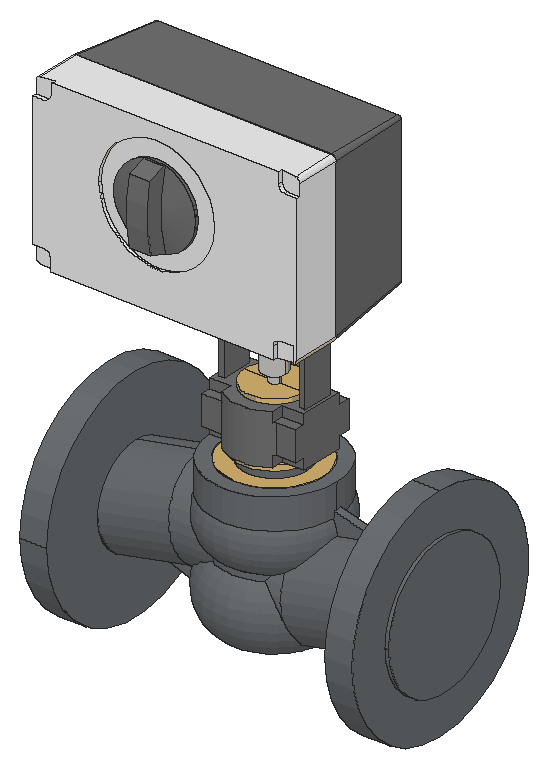
Revit family "VL2_DN15-DN100_AMV(E) 25(35)_RFA_1", category Pipe Accessories, Revit 2019
Family settings
  Round Connector Dimension = Use Diameter
  Part Type = Valve - Breaks Into
  OmniClass Number = 23.65.55.14.17
  OmniClass Title = Adjusting/Controlling Valves for Liquid Services
  Work Plane-Based = No
  Always vertical = Yes
  Cut with Voids When Loaded = No
  Shared = No
Parameters (values of type "VL2_DN40_Kvs25_065Z0379")
  W = if(D > 25 mm, D_Flange, (D_Flange / 2) + 63.5 mm)  # 130 mm
  Voltage = if(or(Actuator Type = [082G3024], Actuator Type = [082G3021]), 230 V, 24 V)  # 24 V
  V100_LOD 200 = if(and(LOD 200, D > 80 mm), 1 = 1, 1 = 0)  # no
  Power = if(or(Actuator Type = [082G3023], Actuator Type = [082G3024]), 2 VA, if(or(Actuator Type = [082G3020], Actuator Type = [082G3021]), 7 VA, if(Actuator Type = [082G3022], 9 VA, 4 VA)))  # 7 VA
  Nominal Pressure = "PN 6"  # constant formula
  LE1_100 = 20 mm
  LE_100 = 10 mm
  L = L2 * 2  # 200 mm
  H2 = 65 mm
  H [instance] = 301.8 mm
  EXT200 = 54 mm
  DN15 to DN50 = if(and(D > 10 mm, D < 65 mm), 1 = 1, 1 = 0)  # yes
  D1 = 80 mm
  L_Top = 3 mm
  V_SMALL LOD 200 = if(and(LOD 200, D < 100 mm), 1 = 1, 1 = 0)  # no
  V2 = if(D > 50 mm, 1 = 1, 1 = 0)  # no
  RB2 = 1 mm
  RB = 1 mm
  L_EXT = 120 mm
  L_100 = 10 mm
  HS_100 = 0 mm
  H_Revolve Bottom = 44 mm
  Weight = 5.28 kg
  W2 = 31 mm
  W1 = 18 mm
  Valve Body Material = Danfoss Grey Iron
  V_SMALL = if(and(LOD 350, D < 100 mm), 1 = 1, 1 = 0)  # yes
  V100 = if(and(LOD 350, D = 100 mm), 1 = 1, 1 = 0)  # no
  URL = "https://store.danfoss.com/en/Climate-Solutions-for-heating/Motorised-Control-Valves-/Globe-Valves/Valves-for-Heating-and-Cooling/c/4105?q=%3Arelevance%3Adanfoss_a50461501115_fts%3ATA1_1501116%3Adanfoss_a1015338478.nominal%3A15.0%3Adanfoss_a1015338478.nominal%3A20.0%3Adanfoss_a1015338478.nominal%3A25.0%3Adanfoss_a1015338478.nominal%3A32.0%3Adanfoss_a1015338478.nominal%3A40.0%3Adanfoss_a1015338478.nominal%3A65.0%3Adanfoss_a1015338478.nominal%3A80.0%3Adanfoss_a1015338478.nominal%3A100.0%3Adanfoss_producttypehierarchydesc%3A7dff7a1b9b02a685b93e9dec195870570b98ed85&text="
  Stroke = "15 mm"
  R_Arc = 50 mm
  R_Top = 12.5 mm
  R_Flow Pipe = 28.5 mm
  R2_Revolve = 21 mm
  R1_Revolve = 21 mm
  RT3 = 19 mm
  RT2 = 28.5 mm
  RT1_1 = 29 mm
  RT1 = 37 mm
  Pressure Drop [instance] = 0.0 bar
  Offset Flow Pipe_1 = 9 mm
  Offset Flow Pipe_2 = 10 mm
  Model Type = "VL2_DN40_Kvs25"
  Model = "065Z0379"
  Min Medium Temperature = "2 °C"  # constant formula
  Max Medium Temperature = "120 °C"  # constant formula
  Manufacturer = "Danfoss"  # constant formula
  L_S = 48 mm
  LOD 350 = not(LOD 200)  # yes
  LOD 200 = no
  L2 = 100 mm
  Kvs = 25.0 m³/h
  IfcExportType = "VL2"  # constant formula
  IfcExportAs = "IfcValveType"  # constant formula
  H_Revolve Top = 42 mm
  H1 = 106 mm
  HE_100 = 3 mm
  HE1 = 76 mm
  HE = 5.3 mm
  HB2 = 1 mm
  HB1 = 35 mm
  HB = 30 mm
  HE2 = 48 mm
  Flow [instance] = 0.0 m³/h
  EXT2 = 30 mm
  D_Connection End = 82 mm
  D_Flange = 130 mm
  Extrusion Top 2 = 10 mm
  Extrusion Top = 38 mm
  Extrusion Bottom = 37 mm
  Description = "Motorized Control Valve"  # constant formula
  D = 40 mm
  Connection = "Flange"  # constant formula
  L1_ve = -L1  # -2.5 mm
  Depth Flange_ve = -Depth_Flange  # -15.8 mm
  Depth_Flange = 15.8 mm
  L1 = 2.5 mm
  Assembly point = 0.3 mm
  Arc_100 = 1 mm
  Adapter Type = Adapter_AMV(E)_RFA : Adapter_AMV(E) 15(25)(35)_DN15-50_065Z0311
  Actuator Type = AMV(E) 25(35)_RFA : AMV 35_082G3020
  A2_Flow Pipe = 168.00°
  A2_2 = 0.00°
  A2 = 20.00°
  A3 = 15.00°
  A1_Flow Pipe = 168.00°
  A1 = 20 mm
  082G3024 = AMV(E) 25(35)_RFA : AMV 25_082G3024
  082G3023 = AMV(E) 25(35)_RFA : AMV 25_082G3023
  082G3022 = AMV(E) 25(35)_RFA : AME 35_082G3022
  082G3021 = AMV(E) 25(35)_RFA : AMV 35_082G3021
  082G3020 = AMV(E) 25(35)_RFA : AMV 35_082G3020
Reference planes
  plane 1 "Center (Front/Back)": y = 0
  plane 2 "XYPLANE": z = 0
  plane 3 "Center (Left/Right)": x = 0
  plane 4 "108": x = -97.5
  plane 5 "107": x = 100
  plane 6 "106": x = -100
  plane 7 "105": y = 0
  plane 8 "104": z = 0
  plane 9 "103": x = 0
  plane 10 "101": z = 106
  plane 11 "1": x = 97.5
  plane 12 "X1": z = 48
  plane 13 "X2": z = 53.3
  plane 14 "3": z = 76
  plane 15: z = 102.5
  plane 16: z = 100.5
  plane 17: x = 3
  plane 18: z = -37
  plane 19: z = -17
  plane 20: z = 38
  plane 21 "y1": x = 22.5
  plane 22: z = 10
  plane 23: x = 48
  plane 24: x = -31
  plane 25: x = -18
  plane 26: x = 5
  plane 27: x = -5
  plane 28: x = -4
  plane 29: x = 4
  plane 30: y = -5
  plane 31: y = 5
  plane 32: y = 4
  plane 33: y = -4
  plane 34 "HB": z = -30
  plane 35: z = -35
  plane 36 "HB2": z = -36
  plane 37: x = -5
  plane 38: x = 5
  plane 39: y = 5
  plane 40: y = -5
  plane 41: x = 20
  plane 42: x = 10
  plane 43: z = -65
  plane 44: y = 65
  plane 45: y = -65
  plane 46: z = 53.6
  plane 47: y = -65
Forms (mm)
  Extrusion 1, solid, material "Danfoss Grey Iron" <- "Valve Body Material", detail levels fine
    sketch origin (-100, -750, 0) x (0, 1, 0) y (0, 0, 1)
      loop
        circle (750, 0) r 41
    from 0 to 2.5 <- "L1"
  Extrusion 2, solid, material "Danfoss Grey Iron" <- "Valve Body Material", detail levels fine
    sketch origin (100, -750, 0) x (0, 1, 0) y (0, 0, 1)
      loop
        circle (750, 0) r 41
    from 0 to -2.5 <- "L1_ve"
  Extrusion 3, solid, material "Danfoss Grey Iron" <- "Valve Body Material", detail levels fine
    sketch origin (0, 0, 0) x (1, 0, 0) y (0, 1, 0)
      loop
        circle (0, 0) r 37
      loop
        circle (0, 0) r 29
    from 30 <- "EXT2" to 48 <- "HE2"
  Extrusion 4, solid, not visible
    sketch origin (100, -750, 0) x (0, 1, 0) y (0, 0, 1)
      loop
        circle (750, 0) r 10
    from 0 to -10
  Extrusion 5, solid, not visible
    sketch origin (-100, -750, 0) x (0, 1, 0) y (0, 0, 1)
      loop
        circle (750, 0) r 10
    from 0 to 10
  Extrusion 6, solid, material "Danfoss Grey Iron" <- "Valve Body Material", detail levels fine
    sketch origin (-97.5, -750, 0) x (0, 1, 0) y (0, 0, 1)
      loop
        circle (750, 0) r 65
    from 0 to 15.8 <- "Depth_Flange"
  Extrusion 7, solid, material "Danfoss Grey Iron" <- "Valve Body Material", detail levels fine
    sketch origin (97.5, 0, 0) x (0, 0, 1) y (0, -1, 0)
      loop
        circle (0, 0) r 65
    from 0 to -15.8 <- "Depth Flange_ve"
  Extrusion 8, solid, material "Danfoss Brass", detail levels fine
    sketch origin (0, 0, 48) x (-1, 0, 0) y (0, -1, 0)
      loop
        circle (0, 0) r 28.5
    from 0 to -10
  Extrusion 9, solid, material "Danfoss Grey Iron" <- "Valve Body Material", visible <- "LOD 350", detail levels fine
    sketch origin (0, 0, 0) x (1, 0, 0) y (0, 0, 1)
      loop
        line (-81.7, -17) -> (-26.75, -37) -> (0, -37) -> (0, 0) -> (-81.7, 0) -> (-81.7, -17)
    from -4 to 4
  Revolve 10, solid, material "Danfoss Grey Iron" <- "Valve Body Material", visible <- "V_SMALL LOD 200", detail levels fine
    sketch origin (0, 0, 0) x (1, 0, 0) y (0, 0, 1)
      loop
        line (0, 50) -> (0, -50)
        arc (0, -50) -> (35.355, -35.355) -> (50, 0) r 50
        arc (50, 0) -> (35.355, 35.355) -> (0, 50) r 50
      axis (0, 50) -> (0, -50)
    angle from 0 to 360
  Revolve 11, solid, material "Danfoss Stainless Steel AISI 304 / AISI 316L", detail levels fine
    sketch origin (0, 0, 0) x (1, 0, 0) y (0, 0, 1)
      loop
        line (0, 76) -> (3, 76) -> (3, 100.5) -> (2, 100.5) -> (2, 102.5) -> (3, 102.5) -> (3, 103.495) -> (1.246, 106) -> (0, 106) -> (0, 76)
      axis (0, 106) -> (0, 76)
    angle from 0 to 360
  Sweep 12, solid, material "Danfoss Grey Iron" <- "Valve Body Material", detail levels fine
    path origin (0, 0, 0) x (1, 0, 0) y (0, 0, 1)
      loop
        line (-100, 0) -> (-81.7, 0) -> (-39.358, 9) -> (0, 9)
    profile origin (-90.85, 0, 0) x (0, 0, 1) y (0, -1, 0)
      loop
        circle (0, 0) r 28.5
  Sweep 13, solid, material "Danfoss Grey Iron" <- "Valve Body Material", detail levels fine
    path origin (0, 0, 0) x (1, 0, 0) y (0, 0, 1)
      loop
        line (104.52, 0) -> (73.398, 0) -> (26.352, -10) -> (0, -10)
    profile origin (88.959, 0, 0) x (0, 0, -1) y (0, -1, 0)
      loop
        circle (0, 0) r 28.5
  Extrusion 14, solid, material "Danfoss Brass", detail levels fine
    sketch origin (0, 0, 53.3) x (-1, 0, 0) y (0, -1, 0)
      loop
        circle (0, 0) r 12.5
    from 0 to 22.7
  Extrusion 15, solid, material "Danfoss Grey Iron" <- "Valve Body Material", visible <- "LOD 350", detail levels fine
    sketch origin (0, 0, 0) x (1, 0, 0) y (0, 0, 1)
      loop
        line (22.5, 10) -> (81.7, 10) -> (81.7, 22.137) -> (22.5, 38) -> (22.5, 10)
    from -2.5 to 2.5
  Extrusion 16, void
    sketch origin (0, 0, 0) x (1, 0, 0) y (0, 0, 1)
      loop
        line (100, -51) -> (140, -51) -> (140, 38) -> (100, 38) -> (100, -51)
    from -48.024 to 48.024
  Revolve 17, solid, material "Danfoss Grey Iron" <- "Valve Body Material", visible <- "V_SMALL", detail levels fine
    sketch origin (0, 0, 0) x (1, 0, 0) y (0, 0, 1)
      loop
        line (0, -44) -> (0, 42) -> (-18, 42)
        arc (-18, 42) -> (-37.863, 27.172) -> (-31, 3.354) r 21.789
        line (-31, 3.354) -> (-31, 0)
        arc (-31, 0) -> (-37.943, -25.972) -> (-18, -44) r 25.78
        line (-18, -44) -> (0, -44)
      axis (0, 42) -> (0, -44)
    angle from 0 to 360
  Extrusion 18, solid, material "Danfoss Grey Iron" <- "Valve Body Material", visible <- "V100", detail levels fine
    sketch origin (0, 0, 0) x (1, 0, 0) y (0, 1, 0)
      loop
        arc (-4, 5) -> (-4.707, 4.707) -> (-5, 4) r 1
        line (-5, 4) -> (-5, -4)
        arc (-5, -4) -> (-4.707, -4.707) -> (-4, -5) r 1
        line (-4, -5) -> (4, -5)
        arc (4, -5) -> (4.707, -4.707) -> (5, -4) r 1
        line (5, -4) -> (5, 4)
        arc (5, 4) -> (4.707, 4.707) -> (4, 5) r 1
        line (4, 5) -> (-4, 5)
    from 0 <- "HS_100" to 3 <- "HE_100"
  Extrusion 19, solid, material "Danfoss Grey Iron" <- "Valve Body Material", visible <- "V2", detail levels fine
    sketch origin (0, 0, -30) x (-1, 0, 0) y (0, -1, 0)
      loop
        circle (0, 0) r 1
    from 0 to -5
  Extrusion 20, solid, material "Danfoss Grey Iron" <- "Valve Body Material", visible <- "V2", detail levels fine
    sketch origin (0, 0, -36) x (-1, 0, 0) y (0, -1, 0)
      loop
        circle (0, 0) r 1
    from 0 to 1 <- "HB2"
  Extrusion 21, solid, material "Danfoss Grey Iron" <- "Valve Body Material", visible <- "V100_LOD 200", detail levels fine
    sketch origin (0, 0, 0) x (1, 0, 0) y (0, 1, 0)
      loop
        line (5, 5) -> (-5, 5) -> (-5, -5) -> (5, -5) -> (5, 5)
    from 0 <- "HS_100" to 3 <- "HE_100"
  Extrusion 22, solid, material "Danfoss Grey Iron" <- "Valve Body Material", visible <- "V100", detail levels fine
    sketch origin (0, 0, 0) x (1, 0, 0) y (0, 0, 1)
      loop
        line (0, 0) -> (0, -37) -> (10, -37) -> (20, -37) -> (20, 0) -> (0, 0)
    from -4 to 4
  Extrusion 23, solid, material "Danfoss Grey Iron" <- "Valve Body Material", detail levels fine
    sketch origin (0, 0, 48) x (-1, 0, 0) y (0, -1, 0)
      loop
        circle (0, 0) r 19
    from -9 to 5.3 <- "HE"
Cuts and joins
  Extrusion 16 cuts Extrusion 4
  Extrusion 16 cuts Extrusion 2
  Extrusion 16 cuts Sweep 13
  joined: Extrusion 2, Sweep 13
Lines and regions (mm)
  reference lines, not visible
    curve 1: circle (2, 2, 0) r 1 normal (0, 0, 1)
Dimensions and locks
  plane 1 "Center (Front/Back)" to curve 1 = 2 mm
  "L1": plane 6 "106" to plane 4 "108"
  "L2": plane 3 "Center (Left/Right)" to plane 5 "107"
  "L2": plane 3 "Center (Left/Right)" to plane 6 "106"
  locked: plane 1 "Center (Front/Back)" to plane 7 "105"
  locked: plane 2 "XYPLANE" to plane 8 "104"
  locked: plane 3 "Center (Left/Right)" to plane 9 "103"
  "L1": plane 11 "1" to plane 5 "107"
  "HE2": plane 12 "X1" to level
  "HE": plane 13 "X2" to plane 12 "X1"
  "H1": plane 10 "101" to level
  "HE1": plane 14 "3" to level
  plane 15 to plane 16 = 2 mm
  plane 10 "101" to plane 15 = 3.5 mm
  plane 17 to plane 9 "103" = 3 mm
  Revolve 11 sketch curve to Revolve 11 sketch curve = 1 mm  (x2)
  Revolve 11 sketch curve to Revolve 11 sketch curve = 0.995 mm
  "Offset Flow Pipe_1": Sweep 12 sketch curve to Sweep 12 sketch curve
  plane 5 "107" to plane 6 "106" = 200 mm
  "Extrusion Bottom": level to plane 18
  "A1": plane 19 to plane 18
  Extrusion 9 sketch curve to plane 18 = 0 mm
  Extrusion 9 sketch curve to plane 19 = 0 mm
  "Offset Flow Pipe_2": Extrusion 9 to Sweep 13 sketch curve
  Sweep 13 sketch curve to Sweep 13 sketch curve = 26.352 mm
  "Extrusion Top": plane 20 to level
  "Extrusion Top 2": plane 22 to level
  Extrusion 15 sketch curve to plane 20 = 0 mm
  Extrusion 16 sketch curve to plane 5 "107" = 40 mm
  "L_S": plane 23 to plane 3 "Center (Left/Right)"
  "W2": plane 3 "Center (Left/Right)" to plane 24
  Revolve 17 sketch curve to Revolve 17 sketch curve = 3.354 mm
  "R2_Revolve": plane 25 to Revolve 17 sketch curve
  "H_Revolve Bottom": level to Revolve 17 sketch curve
  "H_Revolve Top": Revolve 17 sketch curve to level
  "L_Top": plane 17 to plane 9 "103"
  "L_100": plane 27 to plane 26
  equal spacing: plane 27, plane 9 "103", plane 26
  "L_100": plane 30 to plane 31
  equal spacing: plane 30, plane 7 "105", plane 31
  "L_EXT": plane 21 "y1" to plane 4 "108"
  "Arc_100": plane 27 to plane 28
  "Arc_100": plane 29 to plane 26
  "Arc_100": plane 32 to plane 31
  "Arc_100": plane 30 to plane 33
  "R1_Revolve": plane 25 to Revolve 17 sketch curve
  "W1": plane 9 "103" to plane 25
  "HB": level to plane 34 "HB"
  "HB1": level to plane 35
  "HB2": plane 35 to plane 36 "HB2"
  "L_100": plane 37 to plane 38
  "L_100": plane 40 to plane 39
  equal spacing: plane 40, plane 1 "Center (Front/Back)", plane 39
  equal spacing: plane 37, plane 3 "Center (Left/Right)", plane 38
  "LE1_100": plane 41 to plane 9 "103"
  "LE_100": plane 42 to plane 3 "Center (Left/Right)"
  "H2": level to plane 43
  "H": nested 3 to plane 43
  level to plane 36 "HB2" = 36 mm
  "D_Flange": plane 44 to plane 45
  equal spacing: plane 44, plane 7 "105", plane 45
  "Assembly point": plane 46 to plane 13 "X2"
  locked: nested 3 to plane 46 at 3.2
  "W": plane 47 to plane 44
  "D_Connection End": diameter of Extrusion 1 sketch curve
  "D_Connection End": diameter of Extrusion 2 sketch curve
  "RT1": radius of Extrusion 3 sketch curve
  "D_Flange": diameter of Extrusion 6 sketch curve
  "RT1_1": radius of Extrusion 3 sketch curve
  "RT2": radius of Extrusion 8 sketch curve
  "R_Arc": radius of Revolve 10 sketch curve  (x2)
  "D_Flange": diameter of Extrusion 7 sketch curve
  "R_Flow Pipe": radius of Sweep 12 sketch curve
  "R_Flow Pipe": radius of Sweep 13 sketch curve
  "R_Top": radius of Extrusion 14 sketch curve
  "Arc_100": radius of Extrusion 18 sketch curve  (x4)
  "RB": radius of Extrusion 19 sketch curve
  "RB2": radius of Extrusion 20 sketch curve
  "RT3": radius of Extrusion 23 sketch curve
  "A1_Flow Pipe": angle Sweep 12 sketch curve to level
  "A3": angle Extrusion 15 sketch curve to plane 20
  "A2": angle Extrusion 9 sketch curve to plane 18
  "A2_Flow Pipe": angle Sweep 13 sketch curve to level
  "A2_2": angle plane 18 to Extrusion 22 sketch curve
  aligned and locked: level to plane 2 "XYPLANE"
  aligned and locked: Extrusion 1 sketch curve to plane 7 "105"
  aligned and locked: plane 8 "104" to Extrusion 1 sketch curve
  aligned and locked: Extrusion 2 sketch curve to plane 7 "105"
  aligned and locked: plane 8 "104" to Extrusion 2 sketch curve
  aligned and locked: plane 7 "105" to Extrusion 3 sketch curve
  aligned and locked: plane 9 "103" to Extrusion 3 sketch curve
  aligned and locked: Extrusion 4 sketch curve to plane 7 "105"
  aligned and locked: plane 8 "104" to Extrusion 4 sketch curve
  aligned and locked: Extrusion 5 sketch curve to plane 7 "105"
  aligned and locked: plane 8 "104" to Extrusion 5 sketch curve
  aligned and locked: plane 1 "Center (Front/Back)" to Extrusion 6 sketch curve
  aligned and locked: plane 1 "Center (Front/Back)" to Extrusion 7 sketch curve
  aligned and locked: Extrusion 6 to Extrusion 9 sketch curve
  aligned and locked: Extrusion 9 sketch curve to level
  aligned and locked: Revolve 10 sketch curve to plane 3 "Center (Left/Right)"
  aligned and locked: level to Revolve 10 sketch curve
  aligned and locked: Revolve 10 sketch curve to Revolve 10 sketch curve
  aligned and locked: Revolve 11 sketch curve to plane 14 "3"
  aligned and locked: Revolve 11 sketch curve to plane 9 "103"
  aligned and locked: Revolve 11 sketch curve to plane 17
  aligned and locked: Revolve 11 sketch curve to plane 16
  aligned and locked: Revolve 11 sketch curve to plane 10 "101"
  aligned and locked: plane 15 to Revolve 11 sketch curve
  aligned and locked: plane 14 "3" to Revolve 11 sketch curve
  aligned and locked: plane 10 "101" to Revolve 11 sketch curve
  aligned and locked: Sweep 12 sketch curve to plane 6 "106"
  aligned and locked: plane 1 "Center (Front/Back)" to Sweep 12 sketch curve
  aligned and locked: Sweep 12 sketch curve to plane 2 "XYPLANE"
  aligned and locked: Extrusion 6 to Sweep 12 sketch curve
  aligned and locked: plane 1 "Center (Front/Back)" to Sweep 13 sketch curve
  aligned and locked: plane 3 "Center (Left/Right)" to Sweep 12 sketch curve
  aligned and locked: plane 3 "Center (Left/Right)" to Sweep 13 sketch curve
  aligned and locked: plane 22 to Extrusion 15 sketch curve
  aligned and locked: plane 21 "y1" to Extrusion 15 sketch curve
  aligned and locked: Extrusion 7 to Extrusion 15 sketch curve
  aligned and locked: Extrusion 16 sketch curve to plane 5 "107"
  aligned and locked: Extrusion 9 sketch curve to plane 18
  aligned and locked: Extrusion 8 to plane 20
  aligned and locked: plane 25 to Revolve 17 sketch curve
  aligned and locked: Revolve 17 sketch curve to plane 24
  aligned and locked: plane 3 "Center (Left/Right)" to Revolve 17 sketch curve
  aligned and locked: Extrusion 3 to Revolve 17 sketch curve
  aligned and locked: Revolve 17 sketch curve to plane 9 "103"
  aligned and locked: level to Sweep 13 sketch curve
  aligned and locked: plane 31 to Extrusion 18 sketch curve
  aligned and locked: Extrusion 18 sketch curve to plane 30
  aligned and locked: plane 27 to Extrusion 18 sketch curve
  aligned and locked: plane 14 "3" to Extrusion 14
  aligned and locked: Extrusion 9 sketch curve to plane 3 "Center (Left/Right)"
  aligned and locked: plane 1 "Center (Front/Back)" to Extrusion 19 sketch curve
  aligned and locked: plane 3 "Center (Left/Right)" to Extrusion 19 sketch curve
  aligned and locked: Extrusion 19 to plane 35
  aligned and locked: plane 3 "Center (Left/Right)" to Extrusion 20 sketch curve
  aligned and locked: plane 1 "Center (Front/Back)" to Extrusion 20 sketch curve
  aligned and locked: plane 9 "103" to nested 1
  aligned and locked: Extrusion 21 sketch curve to plane 39
  aligned and locked: Extrusion 21 sketch curve to plane 37
  aligned and locked: Extrusion 21 sketch curve to plane 40
  aligned and locked: Extrusion 21 sketch curve to plane 38
  aligned and locked: Extrusion 22 sketch curve to plane 3 "Center (Left/Right)"
  aligned and locked: Extrusion 22 sketch curve to level
  aligned and locked: Extrusion 22 sketch curve to plane 18
  aligned and locked: Extrusion 22 sketch curve to plane 41
  aligned and locked: level to Extrusion 22 sketch curve
  aligned and locked: plane 42 to Extrusion 22 sketch curve
  aligned and locked: plane 1 "Center (Front/Back)" to Extrusion 23 sketch curve
  aligned and locked: plane 3 "Center (Left/Right)" to Extrusion 23 sketch curve
  aligned and locked: plane 9 "103" to nested 2
  aligned and locked: plane 9 "103" to nested 3
  aligned and locked: nested 2 to plane 7 "105"
  aligned and locked: nested 3 to plane 7 "105"
  aligned and locked: nested 2 to plane 46
Automatic sketch dimensions
  plane 1 "Center (Front/Back)" to Extrusion 4 sketch curve = 10 mm
  plane 1 "Center (Front/Back)" to Extrusion 5 sketch curve = 10 mm
  plane 3 "Center (Left/Right)" to curve 1 = 2 mm
  Extrusion 16 sketch curve to plane 20 = 0 mm
  Extrusion 16 sketch curve to plane 18 = 14 mm
  Extrusion 3 sketch curve to Extrusion 3 sketch curve = 0 mm  (x2)
  Extrusion 6 sketch curve to level = 0 mm
  Extrusion 7 sketch curve to level = 0 mm
  plane 1 "Center (Front/Back)" to Extrusion 8 sketch curve = 0 mm
  Extrusion 8 sketch curve to plane 3 "Center (Left/Right)" = 0 mm
  Revolve 10 sketch curve to plane 12 "X1" = 0 mm
  plane 18 to Revolve 10 sketch curve = 0.5 mm
  Revolve 11 sketch curve to plane 3 "Center (Left/Right)" = 0 mm
  plane 3 "Center (Left/Right)" to Revolve 11 sketch curve = 1.246 mm
  profile plane to Sweep 12 sketch curve = 0 mm
  plane 5 "107" to Sweep 13 sketch curve = 4.52 mm
  Sweep 13 sketch curve to profile plane = 0 mm
  plane 1 "Center (Front/Back)" to Extrusion 14 sketch curve = 0 mm
  Extrusion 14 sketch curve to plane 3 "Center (Left/Right)" = 0 mm
  Revolve 17 sketch curve to plane 25 = 0 mm
  Revolve 17 sketch curve to level = 0 mm
  plane 35 to Revolve 17 sketch curve = 0.043 mm
  Extrusion 18 sketch curve to plane 29 = 0 mm
  radius of curve 1 = 1 mm
Nested families
  nested 1: "Schematic_2-Way Valve_Flange" at (0, 0, 0), type "Schematic_2-Way Valve_Flange", detail levels coarse+medium
    with L_1 66.667 mm, L1 12.5 mm, L 200 mm, H 106 mm, D1 80 mm
  nested 2: "Adapter_AMV(E)_RFA" at (0, 0, 53.6), type <- "Adapter Type", visible <- "DN15 to DN50", type "Adapter_AMV(E) 15(25)(35)_DN15-50_065Z0311", detail levels fine
  nested 3: "AMV(E) 25(35)_RFA" at (0, 0, 56.8), type <- "Actuator Type", LOD 200 <- "LOD 200", Voltage <- "Voltage", Power <- "Power", visible <- "DN15 to DN50", type "AMV 35_082G3020", detail levels fine
    with Voltage 24 V, Power 7 VA, LOD 350 yes, LOD 200 no
Connectors
  piping at (-100, 0, 0), diameter 40, driven by "D", driven by "Flow"
    settings: on Extrusion 5, index 1, connector inside diameter 609.6 mm, connector length 0 mm, flow factor 0, pipe flow 0.0 m³/h, pressure drop 0.0 bar, fitting loss kfactor 0, connector angle 0.00°, fixture units 0, engagement length 0 mm, angle of deflection 0.00°, flow configuration 0, flow direction 0, fitting loss method 0, system type 29, joint type 0, gender type 0, connector reference index 2, connector utility 0, adjustable connector no, is connector primary yes, connector description ""
  piping at (100, 0, 0), diameter 40, driven by "D", driven by "Flow"
    settings: on Extrusion 4, index 2, connector inside diameter 609.6 mm, connector length 0 mm, flow factor 0, pipe flow 0.0 m³/h, pressure drop 0.0 bar, fitting loss kfactor 0, connector angle 0.00°, fixture units 0, engagement length 0 mm, angle of deflection 0.00°, flow configuration 0, flow direction 0, fitting loss method 0, system type 29, joint type 0, gender type 0, connector reference index 1, connector utility 0, adjustable connector no, is connector primary no, connector description ""
  electrical at (0, 0, 0), driven by "Voltage", driven by "Power"
    settings: index 21, voltage 24 V, apparent load 0 VA, apparent load phase1 7 VA, apparent load phase2 0 VA, apparent load phase3 0 VA, power factor 0.95, load classification "HVAC", number of poles 1, system type 31, power factor state 1, is connector primary yes, connector utility no, sub classification motor no, connector description ""
Definition of nested family "Adapter_AMV(E)_RFA"
  Parameters (values of type "Adapter_AMV(E) 55(56)_DN65-80_065Z0312")
    W = 45 mm
    URL = "https://store.danfoss.com/en/Climate-Solutions-for-heating/Motorised-Control-Valves/Actuators-for-Globe-Valves/Accessories-for-actuators/AdapAMx55-56-y23-VRB-G%2CVF-L2009dn65-80/p/065Z0312"
    Model Type = "Adapter_AMV(E) 55(56)_DN65-80"
    Model = "065Z0312"
    Manufacturer = "Danfoss"  # constant formula
    L = 45 mm
    IfcExportType = "Adapter"  # constant formula
    IfcExportAs = "IfcValveType"  # constant formula
    H2 = 33 mm
    H1 = 39 mm
    H = 74 mm
    Description = "Adapter"  # constant formula
  Types (3, lengths in mm): name | URL | Model Type | Model | H2 | H1 | H
    Adapter_AMV(E) 25_DN40-100_003Z0694 | "https://store.danfoss.com/en/Climate-Solutions-for-heating/Hydronic-Balancing-and-Control/Pressure-independent-balancing-and-control/Pressure-Independent-Control-Valves-%28PICV%29/AB-QM-Accessories/Adapter-AMV-E-25-DN-40---100/p/003Z0694" | "Adapter_AMV(E) 25_DN40-100" | "003Z0694" | 28 | 20 | 54.7
    Adapter_AMV(E) 15(25)(35)_DN15-50_065Z0311 | "https://store.danfoss.com/en/Climate-Solutions-for-heating/Motorised-Control-Valves/Actuators-for-Globe-Valves/Accessories-for-actuators/AdapAMx15-16-25-35-VRB-G%2CVF-L2009dn15-50/p/065Z0311" | "Adapter_AMV(E) 15(25)(35)_DN15-50" | "065Z0311" | 28 | 34 | 69
    Adapter_AMV(E) 55(56)_DN65-80_065Z0312 | "https://store.danfoss.com/en/Climate-Solutions-for-heating/Motorised-Control-Valves/Actuators-for-Globe-Valves/Accessories-for-actuators/AdapAMx55-56-y23-VRB-G%2CVF-L2009dn65-80/p/065Z0312" | "Adapter_AMV(E) 55(56)_DN65-80" | "065Z0312" | 33 | 39 | 74
  Reference planes
    plane 1 "Center (Front/Back)": y = 0
    plane 2: z = 0
    plane 3 "Center (Left/Right)": x = 0
    plane 4: z = 74
    plane 5: x = -22.5
    plane 6: x = 22.5
    plane 7: z = 35
    plane 8: z = 41
  Forms (mm)
    Revolve 1, solid
      sketch origin (0, 0, 0) x (1, 0, 0) y (0, 0, 1)
        loop
          line (0, 35) -> (-17.5, 35) -> (-17.5, 29.696) -> (-14.5, 18.2) -> (-17.5, 18.2) -> (-17.5, 3.2) -> (-22.5, 3.2) -> (-22.5, 0) -> (0, 0) -> (0, 35)
        axis (0, 35) -> (0, 0)
      angle from 0 to 360
    Revolve 2, solid
      sketch origin (0, 0, 0) x (1, 0, 0) y (0, 0, 1)
        loop
          line (0, 74) -> (-3, 74) -> (-3, 72) -> (-2, 72) -> (-2, 68) -> (-4, 65.144) -> (-4, 55.5) -> (-7, 55.5) -> (-7, 41) -> (0, 41) -> (0, 74)
        axis (0, 74) -> (0, 41)
      angle from 0 to 360
  Dimensions and locks
    equal spacing: plane 6, plane 3 "Center (Left/Right)", plane 5
    "L": plane 6 to plane 5
    "H": plane 4 to plane 2
    plane 3 "Center (Left/Right)" to Revolve 1 sketch curve = 17.5 mm
    Revolve 1 sketch curve to Revolve 1 sketch curve = 3.2 mm
    "H1": plane 4 to plane 7
    "H2": plane 4 to plane 8
    locked: Revolve 2 sketch curve to plane 8 at 14.5
    aligned and locked: level to plane 2
    aligned and locked: Revolve 1 sketch curve to plane 3 "Center (Left/Right)"
    aligned and locked: Revolve 1 sketch curve to plane 5
    aligned and locked: Revolve 1 sketch curve to plane 2
    aligned and locked: Revolve 1 sketch curve to Revolve 1 sketch curve
    aligned and locked: Revolve 2 sketch curve to plane 3 "Center (Left/Right)"
    aligned and locked: Revolve 2 sketch curve to plane 4
    aligned and locked: Revolve 2 sketch curve to Revolve 2 sketch curve
    aligned and locked: Revolve 1 sketch curve to plane 7
    aligned and locked: Revolve 2 sketch curve to plane 8
  Automatic sketch dimensions
    Revolve 1 sketch curve to level = 0 mm
    plane 5 to Revolve 1 sketch curve = 5 mm
    Revolve 1 sketch curve to Revolve 1 sketch curve = 3 mm
    Revolve 1 sketch curve to Revolve 1 sketch curve = 15 mm
    Revolve 1 sketch curve to Revolve 1 sketch curve = 5.304 mm
    Revolve 2 sketch curve to plane 4 = 0 mm
    Revolve 2 sketch curve to plane 3 "Center (Left/Right)" = 2 mm
    Revolve 2 sketch curve to Revolve 2 sketch curve = 1 mm
    Revolve 2 sketch curve to plane 3 "Center (Left/Right)" = 4 mm
    Revolve 2 sketch curve to Revolve 2 sketch curve = 7 mm
    Revolve 2 sketch curve to Revolve 2 sketch curve = 2.856 mm
    Revolve 2 sketch curve to plane 4 = 2 mm
    Revolve 2 sketch curve to Revolve 2 sketch curve = 4 mm
    Revolve 1 sketch curve to plane 7 = 0 mm
    plane 7 to Revolve 2 sketch curve = 2 mm
Definition of nested family "AMV(E) 25(35)_RFA"
  Parameters (values of type "AME 25_082G3025")
    Weight = 1.70 kg
    W = 99 mm  # constant formula
    Voltage [instance] = 24 V
    URL = "https://store.danfoss.com/en/Climate-Solutions-for-heating/Motorised-Control-Valves/Actuators-for-Globe-Valves/Actuators-Without-Safety-Function/c/4109?q=%3Arelevance%3Adanfoss_producttypehierarchydesc%3AAME+25%3Adanfoss_producttypehierarchydesc%3AAME+35%3Adanfoss_producttypehierarchydesc%3AAMV+25%3Adanfoss_producttypehierarchydesc%3AAMV+35&text="
    Speed = "11 s/mm"
    Safety Function = "No"
    Power Supply = "24 V AC +10 to –15%"
    Power Consumption = "4 W"
    Power [instance] = 4 VA
    Output Signal = "0-10 V"
    Model Type = "AME 25"
    Model = "082G3025"
    Min Ambient Temperature = "0 °C"  # constant formula
    Max Stroke = 15 mm  # constant formula
    Max Medium Temperature = "150 °C"  # constant formula
    Max Ambient Temperature = "55 °C"  # constant formula
    Manufacturer = "Danfoss"  # constant formula
    LOD 350 [instance] = not(LOD 200)  # yes
    LOD 200 [instance] = no
    L = 155 mm
    IfcExportType = "AME 25"
    IfcExportAs = "IfcActuatorType"  # constant formula
    H = 180 mm
    Description = "Actuator"  # constant formula
    Control Input Signal = "0-10 V/ 0-20 mA"
    Closing Force = "1000 N"
    Body Material = none
  Types (7, lengths in mm): name | Weight | Voltage | Speed | Power Supply | Power Consumption | Power | Output Signal | Model Type | Model | IfcExportType | Control Input Signal | Closing Force
    (no name) | 1.70 kg | 24 V | "11 s/mm" | "24 V AC +10 to –15%" | "4 W" | 4 VA | "0-10 V" | "AME 25" | "082G3025" | "AME 25" | "0-10 V/ 0-20 mA" | "1000 N"
    AMV 35_082G3020 | 1.55 kg | 24 V | "3 s/mm" | "24 V AC, +10 to –15 %" | "7 W" | 7 VA | "End travel position feedback" | "AMV 35" | "082G3020" | "AMV 35" | "3-point triac control" | "600 N"
    AMV 25_082G3023 | 1.55 kg | 24 V | "11 s/mm" | "24 V AC, +10 to –15 %" | "2 W" | 2 VA | "End travel position feedback" | "AMV 25" | "082G3023" | "AMV 25" | "3-point triac control" | "1000 N"
    AMV 35_082G3021 | 1.55 kg | 230 V | "3 s/mm" | "230 V AC, +10 to –15 %" | "7 W" | 7 VA | "End travel position feedback" | "AMV 35" | "082G3021" | "AMV 35" | "3-point triac control" | "600 N"
    AMV 25_082G3024 | 1.55 kg | 230 V | "11 s/mm" | "230 V AC, +10 to –15 %" | "2 W" | 2 VA | "End travel position feedback" | "AMV 25" | "082G3024" | "AMV 25" | "3-point triac control" | "1000 N"
    AME 25_082G3025 | 1.70 kg | 24 V | "11 s/mm" | "24 V AC +10 to –15%" | "4 W" | 4 VA | "0-10 V" | "AME 25" | "082G3025" | "AME 25" | "0-10 V/ 0-20 mA" | "1000 N"
    AME 35_082G3022 | 1.70 kg | 24 V | "3 s/mm" | "24 V AC +10 to –15%" | "9 W" | 9 VA | "0-10 V" | "AME 35" | "082G3022" | "AME 35" | "0-10 V/ 0-20 mA" | "600 N"
  Reference planes
    plane 1 "Center (Front/Back)": y = 0
    plane 2: z = 0
    plane 3 "Center (Left/Right)": x = 0
    plane 4: z = 180
    plane 5: x = 28
    plane 6 "1": x = -28
    plane 7: x = 51
    plane 8: x = -104
    plane 9: z = 74
    plane 10: z = 29.5
    plane 11: y = -63.5
    plane 12: y = -52.5
    plane 13: y = 35.5
    plane 14: y = 23
    plane 15: y = -23
    plane 16: x = 22
    plane 17: x = -22
    plane 18: x = 46
    plane 19: x = -99
    plane 20: z = 79
    plane 21: z = 175
    plane 22: z = 176
    plane 23: z = 78
    plane 24: y = -47.5
    plane 25: z = 173.2
    plane 26: z = 80.8
    plane 27: z = 134.5
    plane 28 "2": x = -31
    plane 29: x = -97
    plane 30: x = 44
    plane 31: x = -71.6
    plane 32: x = 11
    plane 33: y = -18.5
  Forms (mm)
    Extrusion 1, solid, material <- "Body Material", visible <- "LOD 350"
      sketch origin (0, 0, 0) x (1, 0, 0) y (0, 1, 0)
        loop
          arc (-16.248, -19) -> (0, -25) -> (16.248, -19) r 25
          line (16.248, -19) -> (27.62, -19) -> (27.62, 20) -> (15, 20)
          arc (15, 20) -> (0, 25) -> (-15, 20) r 25
          line (-15, 20) -> (-27.62, 20) -> (-27.62, -19) -> (-16.248, -19)
      from 0 to 29.5
    Extrusion 2, solid, material <- "Body Material", visible <- "LOD 350"
      sketch origin (0, 0, 0) x (1, 0, 0) y (0, 0, 1)
        loop
          line (22, 66.67) -> (22, 29.5) -> (25.4, 29.5) -> (25.4, 66.67) -> (22, 66.67)
      from -9 to 9
    Extrusion 3, solid, material <- "Body Material", visible <- "LOD 350"
      sketch origin (0, 0, 0) x (-1, 0, 0) y (0, 0, -1)
        loop
          line (22, -66.67) -> (25.4, -66.67) -> (25.4, -29.5) -> (22, -29.5) -> (22, -66.67)
      from -9 to 9
    Blend 4, solid, visible <- "LOD 350"
      base sketch origin (0, 0, 0) x (1, 0, 0) y (0, 0, 1)
        loop
          line (51, 80.879) -> (51, 173.2)
          arc (51, 173.2) -> (50.295, 175.174) -> (48.5, 176.255) r 3.117
          arc (48.5, 176.255) -> (-26.5, 180.013) -> (-101.5, 176.255) r 750.263
          arc (-101.5, 176.255) -> (-103.295, 175.174) -> (-104, 173.2) r 3.117
          line (-104, 173.2) -> (-104, 80.8)
          arc (-104, 80.8) -> (-103.295, 78.826) -> (-101.5, 77.745) r 3.117
          arc (-101.5, 77.745) -> (-26.535, 73.991) -> (48.429, 77.738) r 751.077
          arc (48.429, 77.738) -> (50.275, 78.849) -> (51, 80.879) r 3.204
      top sketch origin (0, 0, 0) x (1, 0, 0) y (0, 0, 1)
        loop
          line (-104, 173.2) -> (-104, 80.8)
          arc (-104, 80.8) -> (-103.295, 78.826) -> (-101.5, 77.745) r 3.117
          arc (-101.5, 77.745) -> (-26.535, 73.991) -> (48.429, 77.738) r 751.077
          arc (48.429, 77.738) -> (50.275, 78.849) -> (51, 80.879) r 3.204
          line (51, 80.879) -> (51, 173.2)
          arc (51, 173.2) -> (50.295, 175.174) -> (48.5, 176.255) r 3.117
          arc (48.5, 176.255) -> (-26.5, 180.013) -> (-101.5, 176.255) r 750.263
          arc (-101.5, 176.255) -> (-103.295, 175.174) -> (-104, 173.2) r 3.117
      from 18.5 to 47.5
    Revolve 5, solid, material <- "Body Material", visible <- "LOD 350"
      sketch origin (-31, 0, 0) x (0, 0, 1) y (0, -1, 0)
        loop
          line (158.578, 47.5) -> (158.578, 49.125) -> (140.681, 52.5) -> (134.5, 52.5) -> (134.5, 47.5) -> (158.578, 47.5)
        axis (134.5, 47.5) -> (134.5, 52.5)
      angle from 0 to 360
    Extrusion 6, solid, material <- "Body Material", visible <- "LOD 350"
      sketch origin (0, 0, 0) x (0, 1, 0) y (0, 0, 1)
        loop
          arc (-60.012, 154.017) -> (-62.138, 134.481) -> (-59.912, 114.956) r 88.747
          line (-59.912, 114.956) -> (-49.125, 111.369)
          arc (-49.125, 111.369) -> (-52.74, 134.5) -> (-49.125, 157.631) r 75.818
          line (-49.125, 157.631) -> (-60.012, 154.017)
      from -37 to -25
    Extrusion 7, void
      sketch origin (0, 0, 0) x (1, 0, 0) y (0, 0, 1)
        loop
          circle (-31, 134.5) r 34.064
      from 46 to 47.5
    Extrusion 8, void
      sketch origin (0, 0, 0) x (1, 0, 0) y (0, 0, 1)
        loop
          line (-105.641, 75.49) -> (-93.5, 75.49) -> (-93.5, 84.02)
          arc (-93.5, 84.02) -> (-94.489, 86.765) -> (-97, 88.25) r 4.307
          line (-97, 88.25) -> (-105.641, 88.25) -> (-105.641, 75.49)
        loop
          line (49.641, 75.49) -> (49.641, 88.25) -> (41, 88.25)
          arc (41, 88.25) -> (38.489, 86.765) -> (37.5, 84.02) r 4.307
          line (37.5, 84.02) -> (37.5, 75.49) -> (49.641, 75.49)
        loop
          line (-105.328, 179.135) -> (-105.328, 166.375) -> (-96.687, 166.375)
          arc (-96.687, 166.375) -> (-94.176, 167.86) -> (-93.188, 170.605) r 4.307
          line (-93.188, 170.605) -> (-93.188, 179.135) -> (-105.328, 179.135)
        loop
          line (52.766, 179.135) -> (40.625, 179.135) -> (40.625, 170.605)
          arc (40.625, 170.605) -> (41.614, 167.86) -> (44.125, 166.375) r 4.307
          line (44.125, 166.375) -> (52.766, 166.375) -> (52.766, 179.135)
      from 45 to 47.5
    Extrusion 9, void
      sketch origin (0, 0, 0) x (1, 0, 0) y (0, 0, 1)
        loop
          line (-31, 6.656) -> (-31, 0) -> (-15, 0) -> (-15, 6.656) -> (-31, 6.656)
        loop
          line (-31, 29.5) -> (-31, 23.7) -> (-14.998, 23.7) -> (-14.998, 29.5) -> (-31, 29.5)
        loop
          line (31, 6.656) -> (15, 6.656) -> (15, 0) -> (31, 0) -> (31, 6.656)
        loop
          line (31, 29.5) -> (14.998, 29.5) -> (14.998, 23.7) -> (31, 23.7) -> (31, 29.5)
      from 13 to 23
    Extrusion 10, void
      sketch origin (0, 0, 20) x (1, 0, 0) y (0, 0, 1)
        loop
          line (-31, -13.344) -> (-31, -20) -> (-15, -20) -> (-15, -13.344) -> (-31, -13.344)
        loop
          line (-31, 9.5) -> (-31, 3.075) -> (-14.998, 3.075) -> (-14.998, 9.5) -> (-31, 9.5)
        loop
          line (31, -13.344) -> (15, -13.344) -> (15, -20) -> (31, -20) -> (31, -13.344)
        loop
          line (31, 9.5) -> (14.998, 9.5) -> (14.998, 3.075) -> (31, 3.075) -> (31, 9.5)
      from -23 to -13
    Blend 11, solid, material <- "Body Material", visible <- "LOD 350"
      base sketch origin (0, 0, 0) x (1, 0, 0) y (0, 0, 1)
        loop
          line (46, 84.457) -> (46, 169.923)
          arc (46, 169.923) -> (45.381, 171.333) -> (44, 172.016) r 2.252
          arc (44, 172.016) -> (-26.5, 175.001) -> (-97, 172.016) r 833.803
          arc (-97, 172.016) -> (-98.399, 171.314) -> (-99, 169.868) r 2.245
          line (-99, 169.868) -> (-99, 84.555)
          arc (-99, 84.555) -> (-98.521, 83.217) -> (-97.303, 82.487) r 2.109
          arc (-97.303, 82.487) -> (-26.456, 78.998) -> (44.391, 82.496) r 720.254
          arc (44.391, 82.496) -> (45.546, 83.189) -> (46, 84.457) r 2
      top sketch origin (0, 0, 0) x (1, 0, 0) y (0, 0, 1)
        loop
          line (-104, 173.2) -> (-104, 80.8)
          arc (-104, 80.8) -> (-103.295, 78.826) -> (-101.5, 77.745) r 3.117
          arc (-101.5, 77.745) -> (-26.535, 73.991) -> (48.429, 77.738) r 751.077
          arc (48.429, 77.738) -> (50.275, 78.849) -> (51, 80.879) r 3.204
          line (51, 80.879) -> (51, 173.2)
          arc (51, 173.2) -> (50.295, 175.174) -> (48.5, 176.255) r 3.117
          arc (48.5, 176.255) -> (-26.5, 180.013) -> (-101.5, 176.255) r 750.263
          arc (-101.5, 176.255) -> (-103.295, 175.174) -> (-104, 173.2) r 3.117
      from -35.5 to 18.5
    Extrusion 12, solid, material <- "Body Material", visible <- "LOD 200"
      sketch origin (0, 0, 0) x (0, 1, 0) y (0, 0, 1)
        loop
          line (-18.5, 180) -> (-18.5, 74) -> (35.5, 74) -> (35.5, 180) -> (-18.5, 180)
      from -104 to 51
    Extrusion 13, solid, material <- "Body Material", visible <- "LOD 200"
      sketch origin (0, 0, 0) x (1, 0, 0) y (0, 1, 0)
        loop
          line (28, 23) -> (-28, 23) -> (-28, -23) -> (28, -23) -> (28, 23)
      from 0 to 29.5
    Extrusion 14, solid, visible <- "LOD 200"
      sketch origin (0, 0, 0) x (1, 0, 0) y (0, 0, 1)
        loop
          line (-104, 180) -> (-104, 74) -> (51, 74) -> (51, 180) -> (-104, 180)
      from 18.5 to 47.5
    Extrusion 15, solid, material <- "Body Material", visible <- "LOD 200"
      sketch origin (0, 0, 0) x (1, 0, 0) y (0, 0, 1)
        loop
          line (-22, 74) -> (-25.625, 74) -> (-25.625, 29.5) -> (-22, 29.5) -> (-22, 74)
        loop
          line (22, 74) -> (22, 29.5) -> (25.625, 29.5) -> (25.625, 74) -> (22, 74)
      from -9.158 to 8.842
    Extrusion 16, solid, material <- "Body Material", visible <- "LOD 350"
      sketch origin (0, 0, 0) x (1, 0, 0) y (0, 1, 0)
        loop
          arc (-34.009, -3.471) -> (-33.748, -4.299) -> (-33.059, -4.828) r 1.445
          line (-33.059, -4.828) -> (-6.897, -15.933)
          arc (-6.897, -15.933) -> (-0.134, -17.309) -> (6.63, -15.933) r 17.31
          line (6.63, -15.933) -> (33.124, -4.803)
          arc (33.124, -4.803) -> (33.768, -4.27) -> (34.009, -3.471) r 1.445
          line (34.009, -3.471) -> (34.009, 3.471)
          arc (34.009, 3.471) -> (33.766, 4.277) -> (33.116, 4.814) r 1.457
          line (33.116, 4.814) -> (6.343, 16.053)
          arc (6.343, 16.053) -> (-0.134, 17.371) -> (-6.61, 16.053) r 16.576
          line (-6.61, 16.053) -> (-32.954, 4.871)
          arc (-32.954, 4.871) -> (-33.716, 4.347) -> (-34.009, 3.471) r 1.457
          line (-34.009, 3.471) -> (-34.009, -3.471)
      from 66.67 to 79
    Revolve 17, solid, material <- "Body Material", visible <- "LOD 350"
      sketch origin (0, 0, 0) x (1, 0, 0) y (0, 0, 1)
        loop
          line (0, 79) -> (0, 49.15) -> (4, 49.15) -> (4, 55.05) -> (1.999, 55.05) -> (1.999, 57.174) -> (8, 57.174) -> (8, 79) -> (0, 79)
        axis (0, 79) -> (0, 49.15)
      angle from 0 to 360
  Cuts and joins
    Extrusion 7, Extrusion 8 cuts Blend 4
    Extrusion 9, Extrusion 10 cuts Extrusion 1
  Dimensions and locks
    "H": plane 4 to level
    "L": plane 7 to plane 8
    locked: plane 5 to plane 6 "1" at 56
    equal spacing: plane 5, plane 3 "Center (Left/Right)", plane 6 "1"
    locked: plane 4 to plane 9 at 106
    plane 1 "Center (Front/Back)" to plane 12 = 52.5 mm
    locked: plane 13 to plane 12 at 88
    locked: plane 17 to plane 6 "1" at 6
    locked: plane 5 to plane 16 at 6
    plane 18 to plane 19 = 145 mm
    locked: plane 4 to plane 27 at 45.5
    locked: plane 3 "Center (Left/Right)" to plane 28 "2" at 31
    Extrusion 9 sketch curve to Extrusion 9 sketch curve to Extrusion 9 sketch curve = 16.002 mm, 0 mm
    Extrusion 9 sketch curve to Extrusion 9 sketch curve to Extrusion 9 sketch curve = 16 mm, 30 mm
    Extrusion 9 sketch curve to Extrusion 9 sketch curve = 29.996 mm
    Extrusion 9 sketch curve to Extrusion 9 sketch curve = 16.002 mm
    equal spacing: Extrusion 9 sketch curve, Extrusion 9 sketch curve, Extrusion 9 sketch curve
    Extrusion 10 sketch curve to Extrusion 10 sketch curve to Extrusion 10 sketch curve = 16.002 mm, 0 mm
    Extrusion 10 sketch curve to Extrusion 10 sketch curve to Extrusion 10 sketch curve = 16 mm, 30 mm
    Extrusion 10 sketch curve to Extrusion 10 sketch curve = 29.996 mm
    Extrusion 10 sketch curve to Extrusion 10 sketch curve = 16.002 mm
    equal spacing: Extrusion 10 sketch curve, Extrusion 10 sketch curve, Extrusion 10 sketch curve
    locked: plane 1 "Center (Front/Back)" to plane 33 at 18.5
    locked: Extrusion 3 to plane 10 at 37.17
    plane 24 to plane 1 "Center (Front/Back)" = 47.5 mm
    plane 11 to plane 24 = 16 mm
    plane 12 to plane 24 = 5 mm
    "W": plane 11 to plane 13
    radius of Extrusion 1 sketch curve = 25 mm  (x2)
    radius of Extrusion 7 sketch curve = 34.064 mm
    radius of Blend 11 sketch curve = 2 mm
    radius of Blend 11 sketch curve = 2.109 mm
    radius of Blend 11 sketch curve = 2.252 mm
    radius of Blend 11 sketch curve = 2.245 mm
    aligned and locked: level to plane 2
    aligned and locked: plane 3 "Center (Left/Right)" to Extrusion 1 sketch curve
    aligned and locked: plane 1 "Center (Front/Back)" to Extrusion 1 sketch curve
    aligned and locked: plane 10 to Extrusion 1
    aligned and locked: Extrusion 2 sketch curve to plane 16
    aligned and locked: Extrusion 2 sketch curve to plane 10
    aligned and locked: Extrusion 3 sketch curve to plane 17
    aligned and locked: Blend 4 sketch curve to plane 8
    aligned and locked: Blend 4 sketch curve to plane 7
    aligned and locked: plane 24 to Blend 4
    aligned and locked: plane 24 to Revolve 5 sketch curve
    aligned and locked: plane 27 to Revolve 5 sketch curve
    aligned and locked: plane 12 to Revolve 5 sketch curve
    aligned and locked: Revolve 5 sketch curve to plane 27
    aligned and locked: Extrusion 6 to Revolve 5
    aligned and locked: plane 28 "2" to Extrusion 7 sketch curve
    aligned and locked: plane 27 to Extrusion 7 sketch curve
    aligned and locked: plane 24 to Extrusion 8
    aligned and locked: Blend 4 to Extrusion 7
    aligned and locked: plane 15 to Extrusion 9
    aligned and locked: plane 10 to Extrusion 9 sketch curve
    aligned and locked: Extrusion 9 sketch curve to plane 10
    aligned and locked: Extrusion 10 sketch curve to level
    aligned and locked: level to Extrusion 10 sketch curve
    aligned and locked: plane 10 to Extrusion 10 sketch curve
    aligned and locked: Extrusion 10 sketch curve to plane 10
    aligned and locked: Extrusion 10 to plane 14
    aligned and locked: cut or joined group of Blend 4, Extrusion 7, Extrusion 8 to plane 33
    aligned and locked: Blend 4 sketch curve to var sketch  (x6)
    aligned and locked: plane 18 to Blend 11 sketch curve
    aligned and locked: plane 19 to Blend 11 sketch curve
    aligned and locked: Blend 11 sketch curve to cut or joined group of Blend 4, Extrusion 7, Extrusion 8  (x6)
    aligned and locked: plane 33 to Blend 11
    aligned and locked: Blend 11 to plane 13
    aligned and locked: plane 13 to Extrusion 12 sketch curve
    aligned and locked: plane 4 to Extrusion 12 sketch curve
    aligned and locked: plane 9 to Extrusion 12 sketch curve
    aligned and locked: Extrusion 13 sketch curve to plane 14
    aligned and locked: Extrusion 13 sketch curve to plane 6 "1"
    aligned and locked: Extrusion 13 sketch curve to plane 15
    aligned and locked: Extrusion 13 sketch curve to plane 5
    aligned and locked: plane 10 to Extrusion 13
    aligned and locked: plane 33 to Extrusion 12
    aligned and locked: Extrusion 14 sketch curve to plane 4
    aligned and locked: Extrusion 14 sketch curve to plane 7
    aligned and locked: Extrusion 14 sketch curve to plane 9
    aligned and locked: Extrusion 14 sketch curve to plane 8
    aligned and locked: Extrusion 14 to plane 33
    aligned and locked: plane 24 to Extrusion 14
    aligned and locked: Extrusion 15 sketch curve to plane 17
    aligned and locked: Extrusion 15 sketch curve to plane 16
    aligned and locked: Extrusion 15 sketch curve to plane 10  (x2)
    aligned and locked: Extrusion 15 sketch curve to plane 9  (x2)
    aligned and locked: plane 20 to Extrusion 16
    aligned and locked: Revolve 17 sketch curve to plane 3 "Center (Left/Right)"  (x2)
    aligned and locked: Revolve 17 sketch curve to plane 20
  Automatic sketch dimensions
    Extrusion 1 sketch curve to Extrusion 1 sketch curve = 0 mm  (x2)
    plane 14 to Extrusion 1 sketch curve = 3 mm  (x2)
    Extrusion 1 sketch curve to plane 15 = 4 mm  (x2)
    plane 6 "1" to Extrusion 1 sketch curve = 0.38 mm
    Extrusion 1 sketch curve to plane 5 = 0.38 mm
    Blend 4 sketch curve to plane 26 = 0 mm
    Blend 4 sketch curve to plane 25 = 0 mm  (x2)
    Blend 4 sketch curve to plane 19 = 1.883 mm  (x2)
    plane 6 "1" to Blend 4 sketch curve = 1.5 mm  (x2)
    plane 26 to Blend 4 sketch curve = 0.079 mm
    Blend 4 sketch curve to Blend 4 sketch curve = 3.204 mm
    Blend 4 sketch curve to Blend 4 sketch curve = 3.117 mm
    Blend 4 sketch curve to level = 570.25 mm
    plane 4 to Blend 4 sketch curve = 645.068 mm
    plane 22 to Blend 4 sketch curve = 0.255 mm
    Blend 4 sketch curve to plane 23 = 0.255 mm
    Extrusion 8 sketch curve to plane 29 = 0 mm
    Extrusion 8 sketch curve to plane 29 = 0.494 mm
    Extrusion 8 sketch curve to plane 29 = 0.807 mm
    Extrusion 8 sketch curve to plane 8 = 1.328 mm
    Extrusion 8 sketch curve to plane 8 = 1.641 mm
    plane 29 to Extrusion 8 sketch curve = 0.313 mm
    plane 9 to Extrusion 8 sketch curve = 1.49 mm  (x2)
    plane 29 to Extrusion 8 sketch curve = 3.5 mm
    Extrusion 8 sketch curve to plane 4 = 0.865 mm  (x2)
    plane 29 to Extrusion 8 sketch curve = 3.812 mm
    Extrusion 8 sketch curve to plane 30 = 6.5 mm
    Extrusion 8 sketch curve to plane 30 = 3.375 mm
    Extrusion 8 sketch curve to plane 30 = 3 mm
    Extrusion 8 sketch curve to plane 30 = 2.193 mm
    plane 30 to Extrusion 8 sketch curve = 0.125 mm
    plane 30 to Extrusion 8 sketch curve = 0.932 mm
    Extrusion 8 sketch curve to plane 7 = 1.359 mm
    plane 7 to Extrusion 8 sketch curve = 1.766 mm
    plane 20 to Extrusion 8 sketch curve = 5.02 mm  (x2)
    Extrusion 8 sketch curve to plane 21 = 8.625 mm  (x2)
    Extrusion 9 sketch curve to plane 28 "2" = 0 mm
    Extrusion 9 sketch curve to level = 0 mm  (x2)
    plane 5 to Extrusion 9 sketch curve = 3 mm
    level to Extrusion 9 sketch curve = 6.656 mm  (x2)
    Extrusion 9 sketch curve to Extrusion 9 sketch curve = 5.8 mm  (x2)
    Extrusion 10 sketch curve to plane 28 "2" = 0 mm
    plane 5 to Extrusion 10 sketch curve = 3 mm
    Extrusion 10 sketch curve to plane 10 = 22.844 mm  (x2)
    Extrusion 10 sketch curve to Extrusion 10 sketch curve = 6.425 mm  (x2)
    Blend 11 sketch curve to plane 29 = 0 mm
    Blend 11 sketch curve to plane 30 = 0 mm
    plane 6 "1" to Blend 11 sketch curve = 1.5 mm  (x2)
    Blend 11 sketch curve to plane 30 = 0.247 mm
    plane 20 to Blend 11 sketch curve = 5.457 mm
    level to Blend 11 sketch curve = 84.555 mm
    Blend 11 sketch curve to plane 21 = 5.222 mm
    Blend 11 sketch curve to Blend 11 sketch curve = 0.085 mm
    plane 4 to Blend 11 sketch curve = 619.252 mm
    Blend 11 sketch curve to plane 29 = 0.303 mm
    Blend 11 sketch curve to level = 658.801 mm
    Extrusion 12 sketch curve to plane 24 = 29 mm
    Extrusion 15 sketch curve to Extrusion 15 sketch curve = 3.625 mm  (x2)
    Extrusion 3 sketch curve to plane 10 = 0 mm
    Extrusion 3 sketch curve to plane 6 "1" = 2.6 mm
    plane 9 to Extrusion 3 sketch curve = 7.33 mm
    Extrusion 2 sketch curve to plane 5 = 2.6 mm
    Extrusion 2 sketch curve to plane 9 = 7.33 mm
    Extrusion 16 sketch curve to plane 28 "2" = 3.009 mm
    Extrusion 16 sketch curve to Extrusion 16 sketch curve = 0.951 mm
    Extrusion 16 sketch curve to Extrusion 16 sketch curve = 1.055 mm
    Extrusion 16 sketch curve to Extrusion 16 sketch curve = 1.445 mm
    Extrusion 16 sketch curve to Extrusion 16 sketch curve = 0.402 mm
    Extrusion 16 sketch curve to plane 3 "Center (Left/Right)" = 6.897 mm
    Extrusion 16 sketch curve to plane 3 "Center (Left/Right)" = 6.61 mm
    Extrusion 16 sketch curve to plane 1 "Center (Front/Back)" = 0.001 mm
    Extrusion 16 sketch curve to plane 3 "Center (Left/Right)" = 0.134 mm  (x2)
    Extrusion 16 sketch curve to plane 32 = 4.657 mm
    Extrusion 16 sketch curve to plane 32 = 4.37 mm
    plane 5 to Extrusion 16 sketch curve = 4.552 mm
    plane 5 to Extrusion 16 sketch curve = 4.564 mm
    Extrusion 16 sketch curve to Extrusion 16 sketch curve = 0.564 mm
    Extrusion 16 sketch curve to Extrusion 16 sketch curve = 1.457 mm
    plane 1 "Center (Front/Back)" to Extrusion 16 sketch curve = 3.471 mm  (x2)
    Extrusion 16 sketch curve to plane 33 = 2.567 mm
    Extrusion 16 sketch curve to Extrusion 16 sketch curve = 0.794 mm
    Extrusion 16 sketch curve to plane 1 "Center (Front/Back)" = 3.471 mm  (x2)
    plane 14 to Extrusion 16 sketch curve = 6.947 mm
    Extrusion 16 sketch curve to Extrusion 16 sketch curve = 0.56 mm
    plane 3 "Center (Left/Right)" to Revolve 17 sketch curve = 1.999 mm
    Revolve 17 sketch curve to Revolve 17 sketch curve = 2.001 mm
    Revolve 17 sketch curve to plane 32 = 3 mm
    Revolve 17 sketch curve to plane 9 = 16.826 mm
    Revolve 17 sketch curve to Revolve 17 sketch curve = 2.124 mm
    Revolve 17 sketch curve to Revolve 17 sketch curve = 5.9 mm
    plane 10 to Revolve 17 sketch curve = 6.895 mm
    plane 20 to Revolve 17 sketch curve = 3.665 mm
    plane 27 to Revolve 5 sketch curve = 6.181 mm
    plane 24 to Revolve 5 sketch curve = 1.625 mm
    Revolve 5 sketch curve to plane 21 = 16.422 mm
    Revolve 5 sketch curve to plane 24 = 5 mm
    plane 11 to Revolve 5 sketch curve = 11.577 mm
    Extrusion 6 sketch curve to plane 27 = 0 mm
    Extrusion 6 sketch curve to plane 11 = 3.488 mm
    Extrusion 6 sketch curve to plane 11 = 3.588 mm
    plane 24 to Extrusion 6 sketch curve = 1.625 mm  (x2)
    Extrusion 6 sketch curve to plane 14 = 0.079 mm
    plane 27 to Extrusion 6 sketch curve = 0.209 mm
    Extrusion 6 sketch curve to Extrusion 6 sketch curve = 3.53 mm
    Extrusion 6 sketch curve to plane 27 = 19.544 mm
    Extrusion 6 sketch curve to Extrusion 6 sketch curve = 3.587 mm
Definition of nested family "Schematic_2-Way Valve_Flange"
  Parameters (values of type "Schematic_2-Way Valve_Flange")
    L_1 = L / 3  # 120 mm
    L1 = L / 16  # 22.5 mm
    L = 360 mm
    H = 141 mm
    D1 = 100 mm
  Reference planes
    plane 1 "Center (Front/Back)": y = 0
    plane 2: z = 0
    plane 3 "Center (Left/Right)": x = 0
    plane 4: z = 50
    plane 5: z = -50
    plane 6: x = 180
    plane 7: x = -180
    plane 8: x = -157.5
    plane 9: x = 157.5
    plane 10: y = 50
    plane 11: y = -50
    plane 12: z = 141
    plane 13: z = 261
    plane 14: x = 60
    plane 15: x = -60
    plane 16: y = 141
    plane 17: y = 261
  Lines and regions (mm)
    model lines
      curve 1: line (-180, 0, 50) -> (-180, 0, -50)
      curve 2: line (180, 0, 50) -> (180, 0, -50)
      curve 3: line (0, 0, 0) -> (157.5, 0, 50)
      curve 4: line (157.5, 0, 50) -> (157.5, 0, -50)
      curve 5: line (157.5, 0, -50) -> (0, 0, 0)
      curve 6: line (0, 0, 0) -> (-157.5, 0, 50)
      curve 7: line (-157.5, 0, 50) -> (-157.5, 0, -50)
      curve 8: line (-157.5, 0, -50) -> (0, 0, 0)
      curve 17: line (0, 0, 141) -> (0, 0, 0)
      curve 18: line (-60, 0, 141) -> (60, 0, 141)
      curve 19: line (-60, 0, 261) -> (-60, 0, 141)
      curve 20: line (60, 0, 261) -> (-60, 0, 261)
      curve 21: line (60, 0, 141) -> (60, 0, 261)
    symbolic lines
      curve 9: line (0, 0, 0) -> (157.5, 50, 0)
      curve 10: line (157.5, 50, 0) -> (157.5, -50, 0)
      curve 11: line (157.5, -50, 0) -> (0, 0, 0)
      curve 12: line (0, 0, 0) -> (-157.5, 50, 0)
      curve 13: line (-157.5, 50, 0) -> (-157.5, -50, 0)
      curve 14: line (-157.5, -50, 0) -> (0, 0, 0)
      curve 15: line (-180, 50, 0) -> (-180, -50, 0)
      curve 16: line (180, 50, 0) -> (180, -50, 0)
      curve 22: line (-60, 141, 0) -> (60, 141, 0)
      curve 23: line (-60, 261, 0) -> (-60, 141, 0)
      curve 24: line (60, 261, 0) -> (-60, 261, 0)
      curve 25: line (60, 141, 0) -> (60, 261, 0)
      curve 26: line (0, 0, 0) -> (0, 141, 0)
  Dimensions and locks
    "L": plane 6 to plane 7
    equal spacing: plane 6, plane 3 "Center (Left/Right)", plane 7
    "D1": plane 4 to plane 5
    equal spacing: plane 4, level, plane 5
    "L1": plane 8 to plane 7
    "L1": plane 6 to plane 9
    "D1": plane 11 to plane 10
    equal spacing: plane 11, plane 1 "Center (Front/Back)", plane 10
    "L_1": plane 13 to plane 12
    "H": plane 12 to level
    "L_1": plane 14 to plane 15
    equal spacing: plane 14, plane 3 "Center (Left/Right)", plane 15
    "H": plane 1 "Center (Front/Back)" to plane 16
    "L_1": plane 16 to plane 17
    equal spacing: plane 15, plane 3 "Center (Left/Right)", plane 14
    plane 15 to plane 14 = 120 mm
    aligned and locked: level to plane 2
    aligned and locked: plane 5 to curve 1
    aligned and locked: plane 4 to curve 1
    aligned and locked: plane 4 to curve 2
    aligned and locked: plane 5 to curve 2
    aligned and locked: curve 4 to plane 9
    aligned and locked: curve 7 to plane 8
    aligned and locked: level to curve 17
    aligned and locked: curve 18 to plane 12
    aligned and locked: plane 15 to curve 19
    aligned and locked: plane 13 to curve 20
    aligned and locked: curve 21 to plane 14
    aligned and locked: plane 16 to curve 26
    aligned and locked: plane 12 to curve 17
  Automatic sketch dimensions
    curve 15 to plane 7 = 0 mm
    curve 14 to plane 8 = 0 mm
    curve 24 to plane 15 = 0 mm
    plane 1 "Center (Front/Back)" to curve 14 = 0 mm
    curve 14 to plane 3 "Center (Left/Right)" = 0 mm
    curve 25 to plane 14 = 0 mm
    curve 10 to plane 9 = 0 mm
    curve 16 to plane 6 = 0 mm
    plane 11 to curve 15 = 0 mm
    plane 11 to curve 13 = 0 mm
    plane 11 to curve 16 = 0 mm
    plane 11 to curve 10 = 0 mm
    plane 10 to curve 15 = 0 mm
    plane 10 to curve 12 = 0 mm
    plane 10 to curve 16 = 0 mm
    plane 10 to curve 10 = 0 mm
    plane 17 to curve 25 = 0 mm
    curve 1 to plane 7 = 0 mm
    curve 8 to plane 3 "Center (Left/Right)" = 0 mm
    curve 2 to plane 6 = 0 mm
    curve 7 to plane 5 = 0 mm
    curve 5 to plane 5 = 0 mm
    curve 7 to plane 4 = 0 mm
    curve 3 to plane 4 = 0 mm
